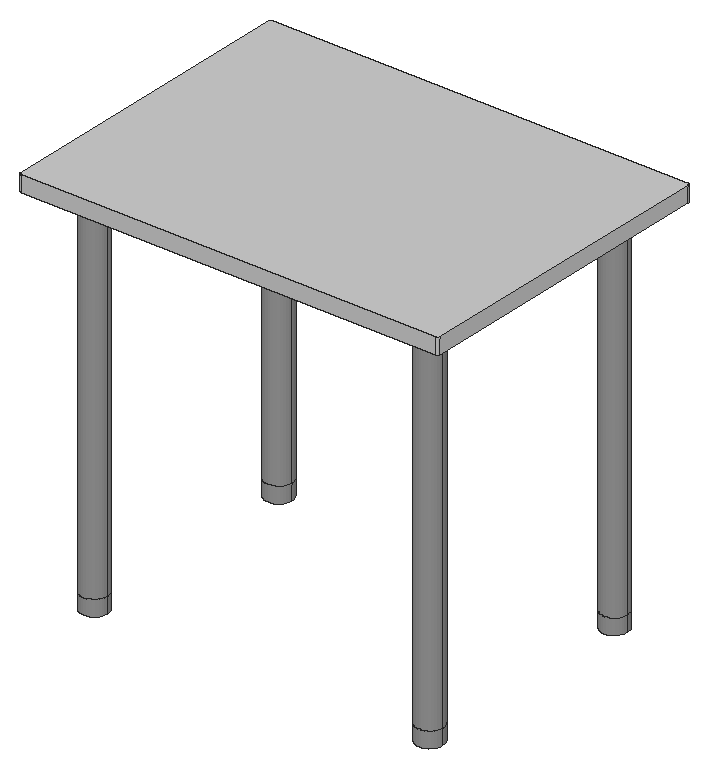
Revit family "Стол медицинский на металлических опорах", category Оборудование, Revit 2017
Family settings
  Размер круглого соединителя = Использовать диаметр
  Тип детали = Нормальный
  На основе рабочей плоскости = Нет
  Всегда вертикально = Да
  При загрузке вырезать с полостями = Нет
  Общий = Нет
  Точка расчета площади = Нет
Parameters (values of type "600х800")
  Общ_Ширина = 800.0 mm
  Общ_Тип, марка = "ДМ-2-006-35"
  Общ_Примечание КР [instance] = ""
  Общ_Примечание АР [instance] = ""
  Общ_Примечание = ""
  Общ_Поставщик = "Доктор Мебель"
  Общ_Позиция = ""
  Общ_Наименование = "Стол медицинский на металлических регулируемых опорах"
  Общ_Масса = ""
  Общ_Код продукции = ""
  Общ_Единицы измерения = "шт."
  Общ_Глубина = 600.0 mm
  Общ_Высота = 750.0 mm
  Keynote = ""
  Model = ""
Types (6, lengths in mm): name | Общ_Ширина | Общ_Тип, марка | Общ_Глубина
  600х800 | 800.0 | "ДМ-2-006-35" | 600.0
  600х1000 | 1000.0 | "ДМ-2-006-36" | 600.0
  600х1200 | 1200.0 | "ДМ-2-006-37" | 600.0
  800х1000 | 1000.0 | "ДМ-2-006-39" | 800.0
  800х1200 | 1200.0 | "ДМ-2-006-40" | 800.0
  800х1600 | 1600.0 | "ДМ-2-006-41" | 800.0
Reference planes
  plane 1 "По центру (Вперед/Назад)": y = 0
  plane 2: z = 0
  plane 3 "По центру (Влево/Вправо)": x = 0
  plane 4: x = 400
  plane 5: x = -400
  plane 6: y = 300
  plane 7: y = -300
  plane 8: z = 750
  plane 9: x = 320
  plane 10: x = -320
  plane 11: y = -220
  plane 12: y = 220
Forms (mm)
  Extrusion 1, solid, material "Металл окрашенный светло-серый", detail levels fine
    sketch origin (0, 0, 0) x (1, 0, 0) y (0, 1, 0)
      loop
        arc (-395, 300) -> (-398.536, 298.536) -> (-400, 295) r 5
        line (-400, 295) -> (-400, -295)
        arc (-400, -295) -> (-398.536, -298.536) -> (-395, -300) r 5
        line (-395, -300) -> (395, -300)
        arc (395, -300) -> (398.536, -298.536) -> (400, -295) r 5
        line (400, -295) -> (400, 295)
        arc (400, 295) -> (398.536, 298.536) -> (395, 300) r 5
        line (395, 300) -> (-395, 300)
    from 720 to 750
  Extrusion 2, solid, material "Пластмасса, непрозрачная, черная", detail levels fine
    sketch origin (0, 0, 0) x (1, 0, 0) y (0, 1, 0)
      loop
        circle (-320, 220) r 25
      loop
        circle (320, 220) r 25
      loop
        circle (320, -220) r 25
      loop
        circle (-320, -220) r 25
    from 0 to 30
  Extrusion 3, solid, material "Сталь, нержавеющая AISI 304", detail levels fine
    sketch origin (0, 0, 0) x (1, 0, 0) y (0, 1, 0)
      loop
        circle (-320, 220) r 25
      loop
        circle (320, 220) r 25
      loop
        circle (320, -220) r 25
      loop
        circle (-320, -220) r 25
    from 720 to 30
Lines and regions (mm)
  symbolic lines, detail levels coarse+medium
    curve 1: line (395, 300, 0) -> (-395, 300, 0)
    curve 2: arc (-395, 300, 0) -> (-398.536, 298.536, 0) -> (-400, 295, 0) r 5
    curve 3: line (-400, 295, 0) -> (-400, -295, 0)
    curve 4: arc (-400, -295, 0) -> (-398.536, -298.536, 0) -> (-395, -300, 0) r 5
    curve 5: line (-395, -300, 0) -> (395, -300, 0)
    curve 6: arc (395, -300, 0) -> (398.536, -298.536, 0) -> (400, -295, 0) r 5
    curve 7: line (400, -295, 0) -> (400, 295, 0)
    curve 8: arc (400, 295, 0) -> (398.536, 298.536, 0) -> (395, 300, 0) r 5
Dimensions and locks
  "Общ_Глубина": plane 6 to plane 7
  equal spacing: plane 6, plane 1 "По центру (Вперед/Назад)", plane 7
  equal spacing: plane 5, plane 3 "По центру (Влево/Вправо)", plane 4
  "Общ_Ширина": plane 5 to plane 4
  "Общ_Высота": plane 8 to level
  locked: plane 6 to plane 12 at 80
  locked: plane 11 to plane 7 at 80
  locked: plane 5 to plane 10 at 80
  locked: plane 9 to plane 4 at 80
  aligned and locked: level to plane 2
Automatic sketch dimensions
  Extrusion 1 sketch curve to plane 5 = 0.0 mm
  Extrusion 1 sketch curve to plane 6 = 0.0 mm
  Extrusion 1 sketch curve to plane 7 = 0.0 mm
  Extrusion 1 sketch curve to plane 4 = 0.0 mm
  plane 5 to Extrusion 1 sketch curve = 5.0 mm  (x2)
  Extrusion 1 sketch curve to plane 4 = 5.0 mm  (x2)
  Extrusion 2 sketch curve to plane 10 = 0.0 mm  (x2)
  Extrusion 2 sketch curve to plane 9 = 0.0 mm  (x2)
  Extrusion 2 sketch curve to plane 11 = 0.0 mm  (x2)
  Extrusion 2 sketch curve to plane 12 = 0.0 mm  (x2)
  Extrusion 3 sketch curve to plane 10 = 0.0 mm  (x2)
  Extrusion 3 sketch curve to plane 9 = 0.0 mm  (x2)
  Extrusion 3 sketch curve to plane 11 = 0.0 mm  (x2)
  Extrusion 3 sketch curve to plane 12 = 0.0 mm  (x2)
  curve 3 to plane 5 = 0.0 mm
  curve 5 to plane 7 = 0.0 mm
  curve 1 to plane 6 = 0.0 mm
  curve 6 to plane 4 = 0.0 mm
  plane 5 to curve 5 = 5.0 mm
  plane 5 to curve 1 = 5.0 mm
  curve 1 to plane 4 = 5.0 mm
  curve 5 to plane 4 = 5.0 mm
  radius of Extrusion 2 sketch curve = 25.0 mm  (x4)
  radius of Extrusion 3 sketch curve = 25.0 mm  (x4)
